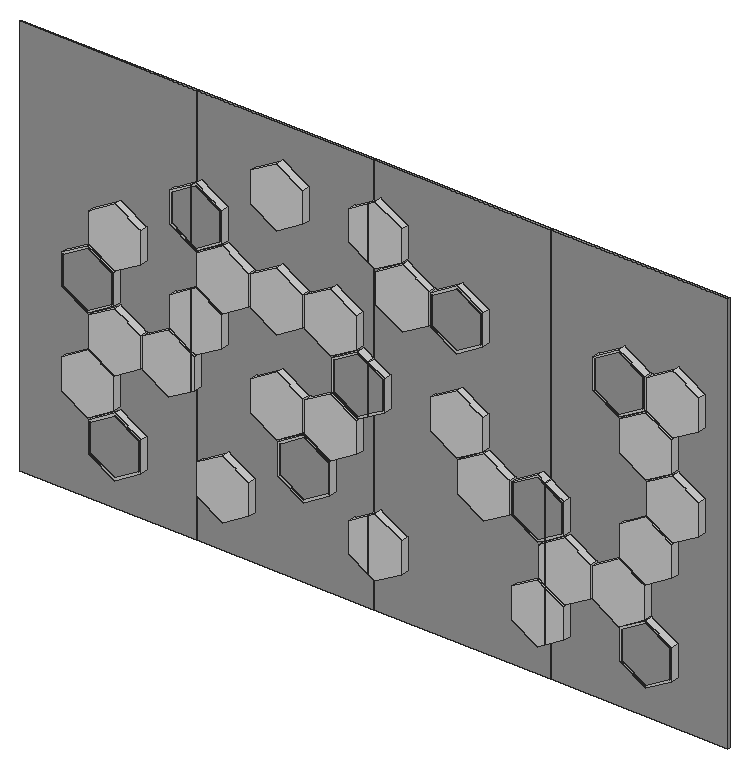
Revit family "SUR-FPG-035_HONEYCOMB_RFA", category Modelos genéricos, Revit 2022
Family settings
  Puede alojar armadura = No
  Cota de conector redondo = Diámetro de uso
  Tipo de pieza = Normal
  Se basa en plano de trabajo = No
  Siempre vertical = Sí
  Corte con vacíos al cargar = No
  Mantener orientación de anotación = No
  Compartido = No
  Punto de cálculo de habitación = No
Parameters
  Elevación por defecto = 0.00"
Reference planes (in)
  plane 1 "Centro (Frontal/Posterior)": y = 0
  plane 2: z = 0
  plane 3 "Centro (Izquierda/Derecha)": x = 0
Forms (in)
  Extrusion 1, solid, not visible
    sketch origin (0, 0, 0) x (1, 0, 0) y (0, 1, 0)
      loop
        line (0, 2.25) -> (0, 0) -> (108, 0) -> (108, 2.25) -> (0, 2.25)
    from 0 to 8
  Extrusion 2, solid, not visible
    sketch origin (0, 0, 0) x (1, 0, 0) y (0, 1, 0)
      loop
        line (0, 2.25) -> (0, 0) -> (108, 0) -> (108, 2.25) -> (0, 2.25)
    from 0 to 8
  Extrusion 3, solid, not visible
    sketch origin (0, 8, 0) x (1, 0, 0) y (0, 1, 0)
      loop
        line (0, 2.25) -> (0, 0) -> (108, 0) -> (108, 2.25) -> (0, 2.25)
    from 0 to 8
  Extrusion 4, solid, not visible
    sketch origin (0, 16, 0) x (1, 0, 0) y (0, 1, 0)
      loop
        line (0, 2.25) -> (0, 0) -> (108, 0) -> (108, 2.25) -> (0, 2.25)
    from 0 to 8
  Extrusion 5, solid, not visible
    sketch origin (0, 24, 0) x (1, 0, 0) y (0, 1, 0)
      loop
        line (0, 2.25) -> (0, 0) -> (108, 0) -> (108, 2.25) -> (0, 2.25)
    from 0 to 8
  Extrusion 6, solid, not visible
    sketch origin (0, 32, 0) x (1, 0, 0) y (0, 1, 0)
      loop
        line (0, 2.25) -> (0, 0) -> (108, 0) -> (108, 2.25) -> (0, 2.25)
    from 0 to 8
  Extrusion 7, solid, not visible
    sketch origin (0, 40, 0) x (1, 0, 0) y (0, 1, 0)
      loop
        line (0, 2.25) -> (0, 0) -> (108, 0) -> (108, 2.25) -> (0, 2.25)
    from 0 to 8
  Extrusion 8, solid, not visible
    sketch origin (0, 48, 0) x (1, 0, 0) y (0, 1, 0)
      loop
        line (0, 2.25) -> (0, 0) -> (108, 0) -> (108, 2.25) -> (0, 2.25)
    from 0 to 8
  Extrusion 9, solid, not visible
    sketch origin (0, 56, 0) x (1, 0, 0) y (0, 1, 0)
      loop
        line (0, 2.25) -> (0, 0) -> (108, 0) -> (108, 2.25) -> (0, 2.25)
    from 0 to 8
  Extrusion 10, solid, not visible
    sketch origin (0, 64, 0) x (1, 0, 0) y (0, 1, 0)
      loop
        line (0, 2.25) -> (0, 0) -> (108, 0) -> (108, 2.25) -> (0, 2.25)
    from 0 to 8
  Extrusion 11, solid, not visible
    sketch origin (0, 72, 0) x (1, 0, 0) y (0, 1, 0)
      loop
        line (0, 2.25) -> (0, 0) -> (108, 0) -> (108, 2.25) -> (0, 2.25)
    from 0 to 8
  Extrusion 12, solid, not visible
    sketch origin (0, 80, 0) x (1, 0, 0) y (0, 1, 0)
      loop
        line (0, 2.25) -> (0, 0) -> (108, 0) -> (108, 2.25) -> (0, 2.25)
    from 0 to 8
  Extrusion 13, solid, not visible
    sketch origin (0, 88, 0) x (1, 0, 0) y (0, 1, 0)
      loop
        line (0, 2.25) -> (0, 0) -> (108, 0) -> (108, 2.25) -> (0, 2.25)
    from 0 to 8
  Extrusion 14, solid, not visible
    sketch origin (0, 96, 0) x (1, 0, 0) y (0, 1, 0)
      loop
        line (0, 2.25) -> (0, 0) -> (108, 0) -> (108, 2.25) -> (0, 2.25)
    from 0 to 8
  Extrusion 15, solid, not visible
    sketch origin (0, 104, 0) x (1, 0, 0) y (0, 1, 0)
      loop
        line (0, 2.25) -> (0, 0) -> (108, 0) -> (108, 2.25) -> (0, 2.25)
    from 0 to 8
  Extrusion 16, solid, not visible
    sketch origin (0, 112, 0) x (1, 0, 0) y (0, 1, 0)
      loop
        line (0, 2.25) -> (0, 0) -> (108, 0) -> (108, 2.25) -> (0, 2.25)
    from 0 to 8
  Extrusion 17, solid, not visible
    sketch origin (0, 120, 0) x (1, 0, 0) y (0, 1, 0)
      loop
        line (0, 2.25) -> (0, 0) -> (108, 0) -> (108, 2.25) -> (0, 2.25)
    from 0 to 8
  Extrusion 18, solid, not visible
    sketch origin (0, 128, 0) x (1, 0, 0) y (0, 1, 0)
      loop
        line (0, 2.25) -> (0, 0) -> (108, 0) -> (108, 2.25) -> (0, 2.25)
    from 0 to 8
  Extrusion 19, solid, not visible
    sketch origin (0, 136, 0) x (1, 0, 0) y (0, 1, 0)
      loop
        line (0, 2.25) -> (0, 0) -> (108, 0) -> (108, 2.25) -> (0, 2.25)
    from 0 to 8
  Extrusion 20, solid, not visible
    sketch origin (0, 144, 0) x (1, 0, 0) y (0, 1, 0)
      loop
        line (0, 2.25) -> (0, 0) -> (108, 0) -> (108, 2.25) -> (0, 2.25)
    from 0 to 8
  Extrusion 21, solid, not visible
    sketch origin (0, 152, 0) x (1, 0, 0) y (0, 1, 0)
      loop
        line (0, 2.25) -> (0, 0) -> (108, 0) -> (108, 2.25) -> (0, 2.25)
    from 0 to 8
  Extrusion 22, solid, not visible
    sketch origin (109, 0, 0) x (1, 0, 0) y (0, 1, 0)
      loop
        line (0, 2.25) -> (0, 0) -> (108, 0) -> (108, 2.25) -> (0, 2.25)
    from 0 to 8
  Extrusion 23, solid, not visible
    sketch origin (109, 8, 0) x (1, 0, 0) y (0, 1, 0)
      loop
        line (0, 2.25) -> (0, 0) -> (108, 0) -> (108, 2.25) -> (0, 2.25)
    from 0 to 8
  Extrusion 24, solid, not visible
    sketch origin (109, 16, 0) x (1, 0, 0) y (0, 1, 0)
      loop
        line (0, 2.25) -> (0, 0) -> (108, 0) -> (108, 2.25) -> (0, 2.25)
    from 0 to 8
  Extrusion 25, solid, not visible
    sketch origin (109, 24, 0) x (1, 0, 0) y (0, 1, 0)
      loop
        line (0, 2.25) -> (0, 0) -> (108, 0) -> (108, 2.25) -> (0, 2.25)
    from 0 to 8
  Extrusion 26, solid, not visible
    sketch origin (109, 32, 0) x (1, 0, 0) y (0, 1, 0)
      loop
        line (0, 2.25) -> (0, 0) -> (108, 0) -> (108, 2.25) -> (0, 2.25)
    from 0 to 8
  Extrusion 27, solid, not visible
    sketch origin (109, 40, 0) x (1, 0, 0) y (0, 1, 0)
      loop
        line (0, 2.25) -> (0, 0) -> (108, 0) -> (108, 2.25) -> (0, 2.25)
    from 0 to 8
  Extrusion 28, solid, not visible
    sketch origin (109, 48, 0) x (1, 0, 0) y (0, 1, 0)
      loop
        line (0, 2.25) -> (0, 0) -> (108, 0) -> (108, 2.25) -> (0, 2.25)
    from 0 to 8
  Extrusion 29, solid, not visible
    sketch origin (109, 56, 0) x (1, 0, 0) y (0, 1, 0)
      loop
        line (0, 2.25) -> (0, 0) -> (108, 0) -> (108, 2.25) -> (0, 2.25)
    from 0 to 8
  Extrusion 30, solid, not visible
    sketch origin (109, 64, 0) x (1, 0, 0) y (0, 1, 0)
      loop
        line (0, 2.25) -> (0, 0) -> (108, 0) -> (108, 2.25) -> (0, 2.25)
    from 0 to 8
  Extrusion 31, solid, not visible
    sketch origin (109, 72, 0) x (1, 0, 0) y (0, 1, 0)
      loop
        line (0, 2.25) -> (0, 0) -> (108, 0) -> (108, 2.25) -> (0, 2.25)
    from 0 to 8
  Extrusion 32, solid, not visible
    sketch origin (109, 80, 0) x (1, 0, 0) y (0, 1, 0)
      loop
        line (0, 2.25) -> (0, 0) -> (108, 0) -> (108, 2.25) -> (0, 2.25)
    from 0 to 8
  Extrusion 33, solid, not visible
    sketch origin (109, 88, 0) x (1, 0, 0) y (0, 1, 0)
      loop
        line (0, 2.25) -> (0, 0) -> (108, 0) -> (108, 2.25) -> (0, 2.25)
    from 0 to 8
  Extrusion 34, solid, not visible
    sketch origin (109, 96, 0) x (1, 0, 0) y (0, 1, 0)
      loop
        line (0, 2.25) -> (0, 0) -> (108, 0) -> (108, 2.25) -> (0, 2.25)
    from 0 to 8
  Extrusion 35, solid, not visible
    sketch origin (109, 104, 0) x (1, 0, 0) y (0, 1, 0)
      loop
        line (0, 2.25) -> (0, 0) -> (108, 0) -> (108, 2.25) -> (0, 2.25)
    from 0 to 8
  Extrusion 36, solid, not visible
    sketch origin (109, 112, 0) x (1, 0, 0) y (0, 1, 0)
      loop
        line (0, 2.25) -> (0, 0) -> (108, 0) -> (108, 2.25) -> (0, 2.25)
    from 0 to 8
  Extrusion 37, solid, not visible
    sketch origin (109, 120, 0) x (1, 0, 0) y (0, 1, 0)
      loop
        line (0, 2.25) -> (0, 0) -> (108, 0) -> (108, 2.25) -> (0, 2.25)
    from 0 to 8
  Extrusion 38, solid, not visible
    sketch origin (109, 128, 0) x (1, 0, 0) y (0, 1, 0)
      loop
        line (0, 2.25) -> (0, 0) -> (108, 0) -> (108, 2.25) -> (0, 2.25)
    from 0 to 8
  Extrusion 39, solid, not visible
    sketch origin (109, 136, 0) x (1, 0, 0) y (0, 1, 0)
      loop
        line (0, 2.25) -> (0, 0) -> (108, 0) -> (108, 2.25) -> (0, 2.25)
    from 0 to 8
  Extrusion 40, solid, not visible
    sketch origin (109, 144, 0) x (1, 0, 0) y (0, 1, 0)
      loop
        line (0, 2.25) -> (0, 0) -> (108, 0) -> (108, 2.25) -> (0, 2.25)
    from 0 to 8
  Extrusion 41, solid, not visible
    sketch origin (109, 152, 0) x (1, 0, 0) y (0, 1, 0)
      loop
        line (0, 2.25) -> (0, 0) -> (108, 0) -> (108, 2.25) -> (0, 2.25)
    from 0 to 8
  Extrusion 42, solid, not visible
    sketch origin (-108, 0, 0) x (1, 0, 0) y (0, 1, 0)
      loop
        line (0, 2.25) -> (0, 0) -> (108, 0) -> (108, 2.25) -> (0, 2.25)
    from 0 to 8
  Extrusion 43, solid, not visible
    sketch origin (-108, 8, 0) x (1, 0, 0) y (0, 1, 0)
      loop
        line (0, 2.25) -> (0, 0) -> (108, 0) -> (108, 2.25) -> (0, 2.25)
    from 0 to 8
  Extrusion 44, solid, not visible
    sketch origin (-108, 16, 0) x (1, 0, 0) y (0, 1, 0)
      loop
        line (0, 2.25) -> (0, 0) -> (108, 0) -> (108, 2.25) -> (0, 2.25)
    from 0 to 8
  Extrusion 45, solid, not visible
    sketch origin (-108, 24, 0) x (1, 0, 0) y (0, 1, 0)
      loop
        line (0, 2.25) -> (0, 0) -> (108, 0) -> (108, 2.25) -> (0, 2.25)
    from 0 to 8
  Extrusion 46, solid, not visible
    sketch origin (-108, 32, 0) x (1, 0, 0) y (0, 1, 0)
      loop
        line (0, 2.25) -> (0, 0) -> (108, 0) -> (108, 2.25) -> (0, 2.25)
    from 0 to 8
  Extrusion 47, solid, not visible
    sketch origin (-108, 40, 0) x (1, 0, 0) y (0, 1, 0)
      loop
        line (0, 2.25) -> (0, 0) -> (108, 0) -> (108, 2.25) -> (0, 2.25)
    from 0 to 8
  Extrusion 48, solid, not visible
    sketch origin (1, 0, 0) x (1, 0, 0) y (0, 1, 0)
      loop
        line (0, 2.25) -> (0, 0) -> (108, 0) -> (108, 2.25) -> (0, 2.25)
    from 0 to 8
  Extrusion 49, solid, not visible
    sketch origin (1, 8, 0) x (1, 0, 0) y (0, 1, 0)
      loop
        line (0, 2.25) -> (0, 0) -> (108, 0) -> (108, 2.25) -> (0, 2.25)
    from 0 to 8
  Extrusion 50, solid, not visible
    sketch origin (1, 16, 0) x (1, 0, 0) y (0, 1, 0)
      loop
        line (0, 2.25) -> (0, 0) -> (108, 0) -> (108, 2.25) -> (0, 2.25)
    from 0 to 8
  Extrusion 51, solid, not visible
    sketch origin (1, 24, 0) x (1, 0, 0) y (0, 1, 0)
      loop
        line (0, 2.25) -> (0, 0) -> (108, 0) -> (108, 2.25) -> (0, 2.25)
    from 0 to 8
  Extrusion 52, solid, not visible
    sketch origin (1, 32, 0) x (1, 0, 0) y (0, 1, 0)
      loop
        line (0, 2.25) -> (0, 0) -> (108, 0) -> (108, 2.25) -> (0, 2.25)
    from 0 to 8
  Extrusion 53, solid, not visible
    sketch origin (1, 40, 0) x (1, 0, 0) y (0, 1, 0)
      loop
        line (0, 2.25) -> (0, 0) -> (108, 0) -> (108, 2.25) -> (0, 2.25)
    from 0 to 8
  Extrusion 54, solid, not visible
    sketch origin (-108, 48, 0) x (1, 0, 0) y (0, 1, 0)
      loop
        line (0, 2.25) -> (0, 0) -> (108, 0) -> (108, 2.25) -> (0, 2.25)
    from 0 to 8
  Extrusion 55, solid, not visible
    sketch origin (-108, 56, 0) x (1, 0, 0) y (0, 1, 0)
      loop
        line (0, 2.25) -> (0, 0) -> (108, 0) -> (108, 2.25) -> (0, 2.25)
    from 0 to 8
  Extrusion 56, solid, not visible
    sketch origin (-108, 64, 0) x (1, 0, 0) y (0, 1, 0)
      loop
        line (0, 2.25) -> (0, 0) -> (108, 0) -> (108, 2.25) -> (0, 2.25)
    from 0 to 8
  Extrusion 57, solid, not visible
    sketch origin (-108, 72, 0) x (1, 0, 0) y (0, 1, 0)
      loop
        line (0, 2.25) -> (0, 0) -> (108, 0) -> (108, 2.25) -> (0, 2.25)
    from 0 to 8
  Extrusion 58, solid, not visible
    sketch origin (-108, 80, 0) x (1, 0, 0) y (0, 1, 0)
      loop
        line (0, 2.25) -> (0, 0) -> (108, 0) -> (108, 2.25) -> (0, 2.25)
    from 0 to 8
  Extrusion 59, solid, not visible
    sketch origin (1, 48, 0) x (1, 0, 0) y (0, 1, 0)
      loop
        line (0, 2.25) -> (0, 0) -> (108, 0) -> (108, 2.25) -> (0, 2.25)
    from 0 to 8
  Extrusion 60, solid, not visible
    sketch origin (1, 56, 0) x (1, 0, 0) y (0, 1, 0)
      loop
        line (0, 2.25) -> (0, 0) -> (108, 0) -> (108, 2.25) -> (0, 2.25)
    from 0 to 8
  Extrusion 61, solid, not visible
    sketch origin (1, 64, 0) x (1, 0, 0) y (0, 1, 0)
      loop
        line (0, 2.25) -> (0, 0) -> (108, 0) -> (108, 2.25) -> (0, 2.25)
    from 0 to 8
  Extrusion 62, solid, not visible
    sketch origin (1, 72, 0) x (1, 0, 0) y (0, 1, 0)
      loop
        line (0, 2.25) -> (0, 0) -> (108, 0) -> (108, 2.25) -> (0, 2.25)
    from 0 to 8
  Extrusion 63, solid, not visible
    sketch origin (1, 80, 0) x (1, 0, 0) y (0, 1, 0)
      loop
        line (0, 2.25) -> (0, 0) -> (108, 0) -> (108, 2.25) -> (0, 2.25)
    from 0 to 8
  Extrusion 64, solid, not visible
    sketch origin (-108, 88, 0) x (1, 0, 0) y (0, 1, 0)
      loop
        line (0, 2.25) -> (0, 0) -> (108, 0) -> (108, 2.25) -> (0, 2.25)
    from 0 to 8
  Extrusion 65, solid, not visible
    sketch origin (-108, 96, 0) x (1, 0, 0) y (0, 1, 0)
      loop
        line (0, 2.25) -> (0, 0) -> (108, 0) -> (108, 2.25) -> (0, 2.25)
    from 0 to 8
  Extrusion 66, solid, not visible
    sketch origin (-108, 104, 0) x (1, 0, 0) y (0, 1, 0)
      loop
        line (0, 2.25) -> (0, 0) -> (108, 0) -> (108, 2.25) -> (0, 2.25)
    from 0 to 8
  Extrusion 67, solid, not visible
    sketch origin (-108, 112, 0) x (1, 0, 0) y (0, 1, 0)
      loop
        line (0, 2.25) -> (0, 0) -> (108, 0) -> (108, 2.25) -> (0, 2.25)
    from 0 to 8
  Extrusion 68, solid, not visible
    sketch origin (-108, 120, 0) x (1, 0, 0) y (0, 1, 0)
      loop
        line (0, 2.25) -> (0, 0) -> (108, 0) -> (108, 2.25) -> (0, 2.25)
    from 0 to 8
  Extrusion 69, solid, not visible
    sketch origin (1, 88, 0) x (1, 0, 0) y (0, 1, 0)
      loop
        line (0, 2.25) -> (0, 0) -> (108, 0) -> (108, 2.25) -> (0, 2.25)
    from 0 to 8
  Extrusion 70, solid, not visible
    sketch origin (1, 96, 0) x (1, 0, 0) y (0, 1, 0)
      loop
        line (0, 2.25) -> (0, 0) -> (108, 0) -> (108, 2.25) -> (0, 2.25)
    from 0 to 8
  Extrusion 71, solid, not visible
    sketch origin (1, 104, 0) x (1, 0, 0) y (0, 1, 0)
      loop
        line (0, 2.25) -> (0, 0) -> (108, 0) -> (108, 2.25) -> (0, 2.25)
    from 0 to 8
  Extrusion 72, solid, not visible
    sketch origin (1, 112, 0) x (1, 0, 0) y (0, 1, 0)
      loop
        line (0, 2.25) -> (0, 0) -> (108, 0) -> (108, 2.25) -> (0, 2.25)
    from 0 to 8
  Extrusion 73, solid, not visible
    sketch origin (1, 120, 0) x (1, 0, 0) y (0, 1, 0)
      loop
        line (0, 2.25) -> (0, 0) -> (108, 0) -> (108, 2.25) -> (0, 2.25)
    from 0 to 8
  Extrusion 74, solid, not visible
    sketch origin (-108, 128, 0) x (1, 0, 0) y (0, 1, 0)
      loop
        line (0, 2.25) -> (0, 0) -> (108, 0) -> (108, 2.25) -> (0, 2.25)
    from 0 to 8
  Extrusion 75, solid, not visible
    sketch origin (-108, 136, 0) x (1, 0, 0) y (0, 1, 0)
      loop
        line (0, 2.25) -> (0, 0) -> (108, 0) -> (108, 2.25) -> (0, 2.25)
    from 0 to 8
  Extrusion 76, solid, not visible
    sketch origin (-108, 144, 0) x (1, 0, 0) y (0, 1, 0)
      loop
        line (0, 2.25) -> (0, 0) -> (108, 0) -> (108, 2.25) -> (0, 2.25)
    from 0 to 8
  Extrusion 77, solid, not visible
    sketch origin (-108, 152, 0) x (1, 0, 0) y (0, 1, 0)
      loop
        line (0, 2.25) -> (0, 0) -> (108, 0) -> (108, 2.25) -> (0, 2.25)
    from 0 to 8
  Extrusion 78, solid, not visible
    sketch origin (-108, 160, 0) x (1, 0, 0) y (0, 1, 0)
      loop
        line (0, 2.25) -> (0, 0) -> (108, 0) -> (108, 2.25) -> (0, 2.25)
    from 0 to 8
  Extrusion 79, solid, not visible
    sketch origin (1, 128, 0) x (1, 0, 0) y (0, 1, 0)
      loop
        line (0, 2.25) -> (0, 0) -> (108, 0) -> (108, 2.25) -> (0, 2.25)
    from 0 to 8
  Extrusion 80, solid, not visible
    sketch origin (1, 136, 0) x (1, 0, 0) y (0, 1, 0)
      loop
        line (0, 2.25) -> (0, 0) -> (108, 0) -> (108, 2.25) -> (0, 2.25)
    from 0 to 8
  Extrusion 81, solid, not visible
    sketch origin (1, 144, 0) x (1, 0, 0) y (0, 1, 0)
      loop
        line (0, 2.25) -> (0, 0) -> (108, 0) -> (108, 2.25) -> (0, 2.25)
    from 0 to 8
  Extrusion 82, solid, not visible
    sketch origin (1, 152, 0) x (1, 0, 0) y (0, 1, 0)
      loop
        line (0, 2.25) -> (0, 0) -> (108, 0) -> (108, 2.25) -> (0, 2.25)
    from 0 to 8
  Extrusion 83, solid, not visible
    sketch origin (1, 160, 0) x (1, 0, 0) y (0, 1, 0)
      loop
        line (0, 2.25) -> (0, 0) -> (108, 0) -> (108, 2.25) -> (0, 2.25)
    from 0 to 8
  Extrusion 84, solid, not visible
    sketch origin (0, 0, 0) x (1, 0, 0) y (0, 1, 0)
      loop
        line (0, 3) -> (0, 0) -> (108, 0) -> (108, 3) -> (0, 3)
    from 0 to 8
  Extrusion 85, void, not visible
    sketch origin (0, 0, 0) x (1, 0, 0) y (0, 1, 0)
      loop
        line (6, 2) -> (6, 1) -> (66, 1) -> (66, 2) -> (6, 2)
    from 0 to 1.03
  Extrusion 86, solid, not visible
    sketch origin (0, 0, 0) x (1, 0, 0) y (0, 1, 0)
      loop
        line (0, 3) -> (0, 0) -> (108, 0) -> (108, 3) -> (0, 3)
    from 0 to 8
  Extrusion 87, void, not visible
    sketch origin (0, 0, 0) x (1, 0, 0) y (0, 1, 0)
      loop
        line (6, 2) -> (6, 1) -> (66, 1) -> (66, 2) -> (6, 2)
    from 0 to 1.03
  Extrusion 88, solid, not visible
    sketch origin (0, 0, 0) x (1, 0, 0) y (0, 1, 0)
      loop
        line (6, 2) -> (6, 1) -> (66, 1) -> (66, 2) -> (6, 2)
    from 0 to 1.03
  Extrusion 89, solid, not visible
    sketch origin (0, 32, 0) x (1, 0, 0) y (0, 1, 0)
      loop
        line (0, 3) -> (0, 0) -> (108, 0) -> (108, 3) -> (0, 3)
    from 0 to 8
  Extrusion 90, void, not visible
    sketch origin (0, 32, 0) x (1, 0, 0) y (0, 1, 0)
      loop
        line (6, 2) -> (6, 1) -> (102, 1) -> (102, 2) -> (6, 2)
    from 0 to 1.03
  Extrusion 91, solid, not visible
    sketch origin (8.95842, -18.67436, 0) x (1, 0, 0) y (0, 1, 0)
      loop
        line (-8.48642, 97.64679) -> (-8.48642, 97.17436) -> (98.56914, 97.17436) -> (98.56914, 97.64679) -> (-8.48642, 97.64679)
    from 0.59055 to 8
  Extrusion 92, solid, not visible
    sketch origin (8.95842, -16.6468, 0) x (1, 0, 0) y (0, 1, 0)
      loop
        line (-8.48642, 97.64679) -> (-8.48642, 97.17436) -> (98.56914, 97.17436) -> (98.56914, 97.64679) -> (-8.48642, 97.64679)
    from 0.59055 to 8
  Extrusion 93, solid, not visible
    sketch origin (60.46912, 110.28574, 0) x (1, 0, 0) y (0, 1, 0)
      loop
        line (45.03088, -29.28574) -> (-57.96911, -29.28574) -> (-57.96911, -31.78574) -> (45.03088, -31.78574) -> (45.03088, -29.28574)
      loop
        line (23.78088, -31.03574) -> (41.78088, -31.03574) -> (41.78088, -30.03574) -> (23.78088, -30.03574) -> (23.78088, -31.03574)
      loop
        line (-54.71912, -31.03574) -> (-36.71912, -31.03574) -> (-36.71912, -30.03574) -> (-54.71912, -30.03574) -> (-54.71912, -31.03574)
    from 0 to 0.59055
  Extrusion 94, solid, not visible
    sketch origin (108, 51.5, 0) x (0, 1, 0) y (-1, 0, 0)
      loop
        line (27.75, 102.25) -> (27.75, 84.25) -> (28.75, 84.25) -> (28.75, 102.25) -> (27.75, 102.25)
    from 0 to 1
  Extrusion 95, solid, not visible
    sketch origin (186.5, 51.5, 0) x (0, 1, 0) y (-1, 0, 0)
      loop
        line (27.75, 102.25) -> (27.75, 84.25) -> (28.75, 84.25) -> (28.75, 102.25) -> (27.75, 102.25)
    from 0 to 1
  Extrusion 96, solid, not visible
    sketch origin (8.95842, -44.42438, 0) x (1, 0, 0) y (0, 1, 0)
      loop
        line (-8.48642, 97.64679) -> (-8.48642, 97.17436) -> (98.56914, 97.17436) -> (98.56914, 97.64679) -> (-8.48642, 97.64679)
    from 0.59055 to 8
  Extrusion 97, solid, not visible
    sketch origin (8.95842, -42.39682, 0) x (1, 0, 0) y (0, 1, 0)
      loop
        line (-8.48642, 97.64679) -> (-8.48642, 97.17436) -> (98.56914, 97.17436) -> (98.56914, 97.64679) -> (-8.48642, 97.64679)
    from 0.59055 to 8
  Extrusion 98, solid, not visible
    sketch origin (60.46912, 84.53571, 0) x (1, 0, 0) y (0, 1, 0)
      loop
        line (45.03088, -29.28574) -> (-57.96911, -29.28574) -> (-57.96911, -31.78574) -> (45.03088, -31.78574) -> (45.03088, -29.28574)
      loop
        line (-28.96912, -31.03574) -> (-10.96912, -31.03574) -> (-10.96912, -30.03574) -> (-28.96912, -30.03574) -> (-28.96912, -31.03574)
      loop
        line (-3.21912, -31.03571) -> (14.78088, -31.03571) -> (14.78088, -30.03571) -> (-3.21912, -30.03571) -> (-3.21912, -31.03571)
    from 0 to 0.59055
  Extrusion 99, solid, not visible
    sketch origin (133.74998, 25.74998, 0) x (0, 1, 0) y (-1, 0, 0)
      loop
        line (27.75, 102.25) -> (27.75, 84.25) -> (28.75, 84.25) -> (28.75, 102.25) -> (27.75, 102.25)
    from 0 to 1
  Extrusion 100, solid, not visible
    sketch origin (159.49998, 25.74998, 0) x (0, 1, 0) y (-1, 0, 0)
      loop
        line (27.75, 102.25) -> (27.75, 84.25) -> (28.75, 84.25) -> (28.75, 102.25) -> (27.75, 102.25)
    from 0 to 1
  Extrusion 101, solid, not visible
    sketch origin (8.95842, -70.17436, 0) x (1, 0, 0) y (0, 1, 0)
      loop
        line (-8.48642, 97.64679) -> (-8.48642, 97.17436) -> (98.56914, 97.17436) -> (98.56914, 97.64679) -> (-8.48642, 97.64679)
    from 0.59055 to 8
  Extrusion 102, solid, not visible
    sketch origin (8.95842, -68.1468, 0) x (1, 0, 0) y (0, 1, 0)
      loop
        line (-8.48642, 97.64679) -> (-8.48642, 97.17436) -> (98.56914, 97.17436) -> (98.56914, 97.64679) -> (-8.48642, 97.64679)
    from 0.59055 to 8
  Extrusion 103, solid, not visible
    sketch origin (60.46912, 58.78574, 0) x (1, 0, 0) y (0, 1, 0)
      loop
        line (45.03088, -29.28574) -> (-57.96911, -29.28574) -> (-57.96911, -31.78574) -> (45.03088, -31.78574) -> (45.03088, -29.28574)
      loop
        line (23.78088, -31.03574) -> (41.78088, -31.03574) -> (41.78088, -30.03574) -> (23.78088, -30.03574) -> (23.78088, -31.03574)
      loop
        line (-54.71912, -31.03574) -> (-36.71912, -31.03574) -> (-36.71912, -30.03574) -> (-54.71912, -30.03574) -> (-54.71912, -31.03574)
    from 0 to 0.59055
  Extrusion 104, solid, not visible
    sketch origin (108, 0, 0) x (0, 1, 0) y (-1, 0, 0)
      loop
        line (27.75, 102.25) -> (27.75, 84.25) -> (28.75, 84.25) -> (28.75, 102.25) -> (27.75, 102.25)
    from 0 to 1
  Extrusion 105, solid, not visible
    sketch origin (186.5, 0, 0) x (0, 1, 0) y (-1, 0, 0)
      loop
        line (27.75, 102.25) -> (27.75, 84.25) -> (28.75, 84.25) -> (28.75, 102.25) -> (27.75, 102.25)
    from 0 to 1
  Extrusion 106, solid, not visible
    sketch origin (-70.17436, 99.04114, 0) x (0, -1, 0) y (1, 0, 0)
      loop
        line (-8.48642, 97.64679) -> (-8.48642, 97.17436) -> (98.56914, 97.17436) -> (98.56914, 97.64679) -> (-8.48642, 97.64679)
    from 0.59055 to 8
  Extrusion 107, solid, not visible
    sketch origin (-68.1468, 99.04114, 0) x (0, -1, 0) y (1, 0, 0)
      loop
        line (-8.48642, 97.64679) -> (-8.48642, 97.17436) -> (98.56914, 97.17436) -> (98.56914, 97.64679) -> (-8.48642, 97.64679)
    from 0.59055 to 8
  Extrusion 108, solid, not visible
    sketch origin (-2.28571, 86.21912, 0) x (0, 1, 0) y (-1, 0, 0)
      loop
        line (19.28088, -29.28574) -> (-83.71912, -29.28574) -> (-83.71912, -31.78574) -> (19.28088, -31.78574) -> (19.28088, -29.28574)
      loop
        line (16.03088, -31.03571) -> (16.03088, -30.03571) -> (-1.96912, -30.03571) -> (-1.96912, -31.03571) -> (16.03088, -31.03571)
      loop
        line (-62.46912, -31.03571) -> (-62.46912, -30.03571) -> (-80.46912, -30.03571) -> (-80.46912, -31.03571) -> (-62.46912, -31.03571)
    from 0 to 0.59055
  Extrusion 109, solid, not visible
    sketch origin (0, 0, 0) x (1, 0, 0) y (0, 1, 0)
      loop
        line (27.75, 102.25) -> (27.75, 84.25) -> (28.75, 84.25) -> (28.75, 102.25) -> (27.75, 102.25)
    from 0 to 1
  Extrusion 110, solid, not visible
    sketch origin (0, -78.5, 0) x (1, 0, 0) y (0, 1, 0)
      loop
        line (27.75, 102.25) -> (27.75, 84.25) -> (28.75, 84.25) -> (28.75, 102.25) -> (27.75, 102.25)
    from 0 to 1
  Extrusion 111, solid, not visible
    sketch origin (-44.89438, 99.04114, 0) x (0, -1, 0) y (1, 0, 0)
      loop
        line (-8.48642, 97.64679) -> (-8.48642, 97.17436) -> (98.56914, 97.17436) -> (98.56914, 97.64679) -> (-8.48642, 97.64679)
    from 0.59055 to 8
  Extrusion 112, solid, not visible
    sketch origin (-42.39682, 99.04114, 0) x (0, -1, 0) y (1, 0, 0)
      loop
        line (-8.48642, 97.64679) -> (-8.48642, 97.17436) -> (98.56914, 97.17436) -> (98.56914, 97.64679) -> (-8.48642, 97.64679)
    from 0.59055 to 8
  Extrusion 113, solid, not visible
    sketch origin (23.46427, 86.21912, 0) x (0, 1, 0) y (-1, 0, 0)
      loop
        line (19.28088, -28.81571) -> (-83.71912, -28.81571) -> (-83.71912, -31.78574) -> (19.28088, -31.78574) -> (19.28088, -28.81571)
      loop
        line (-28.96912, -29.78573) -> (-28.96912, -30.78571) -> (-10.96912, -30.78571) -> (-10.96912, -29.78573) -> (-28.96912, -29.78573)
      loop
        line (-54.71914, -29.78573) -> (-54.71914, -30.78573) -> (-36.71914, -30.78573) -> (-36.71914, -29.78573) -> (-54.71914, -29.78573)
    from 0 to 0.59055
  Extrusion 114, solid, not visible
    sketch origin (25.74998, -27, 0) x (1, 0, 0) y (0, 1, 0)
      loop
        line (27.50002, 102.25) -> (27.50002, 84.25) -> (28.5, 84.25) -> (28.5, 102.25) -> (27.50002, 102.25)
    from 0 to 1
  Extrusion 115, solid, not visible
    sketch origin (25.74998, -52.75002, 0) x (1, 0, 0) y (0, 1, 0)
      loop
        line (27.50002, 102.25) -> (27.50002, 84.25) -> (28.50002, 84.25) -> (28.50002, 102.25) -> (27.50002, 102.25)
    from 0 to 1
  Extrusion 116, solid, not visible
    sketch origin (-18.67436, 99.04114, 0) x (0, -1, 0) y (1, 0, 0)
      loop
        line (-8.48642, 97.64679) -> (-8.48642, 97.17436) -> (98.56914, 97.17436) -> (98.56914, 97.64679) -> (-8.48642, 97.64679)
    from 0.59055 to 8
  Extrusion 117, solid, not visible
    sketch origin (-16.6468, 99.04114, 0) x (0, -1, 0) y (1, 0, 0)
      loop
        line (-8.48642, 97.64679) -> (-8.48642, 97.17436) -> (98.56914, 97.17436) -> (98.56914, 97.64679) -> (-8.48642, 97.64679)
    from 0.59055 to 8
  Extrusion 118, solid, not visible
    sketch origin (49.21426, 86.21912, 0) x (0, 1, 0) y (-1, 0, 0)
      loop
        line (19.28088, -29.28574) -> (-83.71912, -29.28574) -> (-83.71912, -31.78574) -> (19.28088, -31.78574) -> (19.28088, -29.28574)
      loop
        line (16.03088, -31.03571) -> (16.03088, -30.03571) -> (-1.96912, -30.03571) -> (-1.96912, -31.03571) -> (16.03088, -31.03571)
      loop
        line (-62.46912, -31.03571) -> (-62.46912, -30.03571) -> (-80.46912, -30.03571) -> (-80.46912, -31.03571) -> (-62.46912, -31.03571)
    from 0 to 0.59055
  Extrusion 119, solid, not visible
    sketch origin (51.49997, 0, 0) x (1, 0, 0) y (0, 1, 0)
      loop
        line (27.75, 102.25) -> (27.75, 84.25) -> (28.75, 84.25) -> (28.75, 102.25) -> (27.75, 102.25)
    from 0 to 1
  Extrusion 120, solid, not visible
    sketch origin (51.49997, -78.5, 0) x (1, 0, 0) y (0, 1, 0)
      loop
        line (27.75, 102.25) -> (27.75, 84.25) -> (28.75, 84.25) -> (28.75, 102.25) -> (27.75, 102.25)
    from 0 to 1
  Extrusion 121, solid, not visible
    sketch origin (10.23509, 91.82771, 0) x (0, -1, 0) y (1, 0, 0)
      loop
        line (-16.17229, 97.76491) -> (-15.69986, 97.29248) -> (91.35527, 97.29248) -> (91.82771, 97.76491) -> (-16.17229, 97.76491)
    from 0.59055 to 8
  Extrusion 122, solid, not visible
    sketch origin (137.28574, 61.88413, 0) x (0, 1, 0) y (-1, 0, 0)
      loop
        line (46.11587, 29.28574) -> (43.61587, 31.78574) -> (-59.38412, 31.78574) -> (-61.88412, 29.28574) -> (46.11587, 29.28574)
    from 0 to 0.59055
  Extrusion 123, solid, not visible
    sketch origin (8.20754, 91.82771, 0) x (0, -1, 0) y (1, 0, 0)
      loop
        line (-14.14474, 97.76491) -> (-13.67231, 97.29248) -> (89.32772, 97.29248) -> (89.80016, 97.76491) -> (-14.14474, 97.76491)
    from 0.59055 to 8.22418
  Extrusion 124, solid, not visible
    sketch origin (18.95842, 10.23509, 0) x (1, 0, 0) y (0, 1, 0)
      loop
        line (-18.95842, 97.76491) -> (-18.48598, 97.29247) -> (88.56914, 97.29247) -> (89.04158, 97.76491) -> (-18.95842, 97.76491)
    from 0.59055 to 8
  Extrusion 125, solid, not visible
    sketch origin (61.88413, 137.28574, 0) x (1, 0, 0) y (0, 1, 0)
      loop
        line (46.11587, -29.28574) -> (-61.88412, -29.28574) -> (-59.38412, -31.78574) -> (43.61587, -31.78574) -> (46.11587, -29.28574)
    from 0 to 0.59055
  Extrusion 126, solid, not visible
    sketch origin (18.95842, 8.20753, 0) x (1, 0, 0) y (0, 1, 0)
      loop
        line (-16.93086, 97.76491) -> (-16.45842, 97.29247) -> (86.54158, 97.29247) -> (87.01402, 97.76491) -> (-16.93086, 97.76491)
    from 0.59055 to 8
  Extrusion 127, solid, not visible
    sketch origin (-101.24865, 87.31603, 0) x (0, -1, 0) y (1, 0, 0)
      loop
        line (-20.21152, 101.72109) -> (-20.68397, 101.24865) -> (87.31604, 101.24865) -> (86.84359, 101.72109) -> (-20.21152, 101.72109)
    from 0.47244 to 8
  Extrusion 128, solid, not visible
    sketch origin (-29.28573, 61.88413, 0) x (0, 1, 0) y (-1, 0, 0)
      loop
        line (46.11587, -29.28574) -> (-61.88412, -29.28574) -> (-59.38412, -31.78574) -> (43.61587, -31.78574) -> (46.11587, -29.28574)
    from 0 to 0.59055
  Extrusion 129, solid, not visible
    sketch origin (-99.22109, 87.31603, 0) x (0, -1, 0) y (1, 0, 0)
      loop
        line (-18.18396, 101.72109) -> (-18.65641, 101.24865) -> (85.28848, 101.24865) -> (84.81603, 101.72109) -> (-18.18396, 101.72109)
    from 0.47244 to 8
  Extrusion 130, solid, not visible
    sketch origin (61.88413, -29.28574, 0) x (1, 0, 0) y (0, 1, 0)
      loop
        line (46.11587, 29.28574) -> (43.61587, 31.78574) -> (-59.38412, 31.78574) -> (-61.88412, 29.28574) -> (46.11587, 29.28574)
    from 0 to 0.47244
  Extrusion 131, solid, not visible
    sketch origin (8.95842, -97.17435, 0) x (1, 0, 0) y (0, 1, 0)
      loop
        line (-8.48598, 97.64679) -> (-8.95842, 97.17436) -> (99.04157, 97.17436) -> (98.56914, 97.64679) -> (-8.48598, 97.64679)
    from 0.59055 to 8
  Extrusion 132, solid, not visible
    sketch origin (8.95842, -95.14679, 0) x (1, 0, 0) y (0, 1, 0)
      loop
        line (-6.45842, 97.64679) -> (-6.93085, 97.17436) -> (97.01401, 97.17436) -> (96.54158, 97.64679) -> (-6.45842, 97.64679)
    from 0.59055 to 8
  Extrusion 133, solid, not visible
    sketch origin (61.88413, -29.28574, 0) x (1, 0, 0) y (0, 1, 0)
      loop
        line (46.11587, 29.28574) -> (43.61587, 31.78574) -> (-59.38412, 31.78574) -> (-61.88412, 29.28574) -> (46.11587, 29.28574)
    from 0 to 0.47244
  Extrusion 134, solid, not visible
    sketch origin (18.95842, 10.23509, 0) x (1, 0, 0) y (0, 1, 0)
      loop
        line (-18.95842, 97.76491) -> (-18.48598, 97.29247) -> (88.56914, 97.29247) -> (89.04158, 97.76491) -> (-18.95842, 97.76491)
    from 0.59055 to 8
  Extrusion 135, solid, not visible
    sketch origin (8.95842, -97.17435, 0) x (1, 0, 0) y (0, 1, 0)
      loop
        line (-8.48598, 97.64679) -> (-8.95842, 97.17436) -> (99.04157, 97.17436) -> (98.56914, 97.64679) -> (-8.48598, 97.64679)
    from 0.59055 to 8
  Extrusion 136, solid, not visible
    sketch origin (10.23509, 91.82771, 0) x (0, -1, 0) y (1, 0, 0)
      loop
        line (-16.17229, 97.76491) -> (-15.69986, 97.29248) -> (91.35527, 97.29248) -> (91.82771, 97.76491) -> (-16.17229, 97.76491)
    from 0.59055 to 8
  Extrusion 137, solid, not visible
    sketch origin (-101.24865, 87.31603, 0) x (0, -1, 0) y (1, 0, 0)
      loop
        line (-20.21152, 101.72109) -> (-20.68397, 101.24865) -> (87.31604, 101.24865) -> (86.84359, 101.72109) -> (-20.21152, 101.72109)
    from 0.47244 to 8
  Extrusion 138, solid, not visible
    sketch origin (61.88413, 137.28574, 0) x (1, 0, 0) y (0, 1, 0)
      loop
        line (46.11587, -29.28574) -> (-61.88412, -29.28574) -> (-59.38412, -31.78574) -> (43.61587, -31.78574) -> (46.11587, -29.28574)
    from 0 to 0.59055
  Extrusion 139, solid, not visible
    sketch origin (-29.28573, 61.88413, 0) x (0, 1, 0) y (-1, 0, 0)
      loop
        line (46.11587, -29.28574) -> (-61.88412, -29.28574) -> (-59.38412, -31.78574) -> (43.61587, -31.78574) -> (46.11587, -29.28574)
    from 0 to 0.59055
  Extrusion 140, solid, not visible
    sketch origin (137.28574, 61.88413, 0) x (0, 1, 0) y (-1, 0, 0)
      loop
        line (46.11587, 29.28574) -> (43.61587, 31.78574) -> (-59.38412, 31.78574) -> (-61.88412, 29.28574) -> (46.11587, 29.28574)
    from 0 to 0.59055
  Extrusion 141, solid, not visible
    sketch origin (8.95842, -95.14679, 0) x (1, 0, 0) y (0, 1, 0)
      loop
        line (-6.45842, 97.64679) -> (-6.93085, 97.17436) -> (97.01401, 97.17436) -> (96.54158, 97.64679) -> (-6.45842, 97.64679)
    from 0.59055 to 8
  Extrusion 142, solid, not visible
    sketch origin (-99.22109, 87.31603, 0) x (0, -1, 0) y (1, 0, 0)
      loop
        line (-18.18396, 101.72109) -> (-18.65641, 101.24865) -> (85.28848, 101.24865) -> (84.81603, 101.72109) -> (-18.18396, 101.72109)
    from 0.47244 to 8
  Extrusion 143, solid, not visible
    sketch origin (18.95842, 8.20753, 0) x (1, 0, 0) y (0, 1, 0)
      loop
        line (-16.93086, 97.76491) -> (-16.45842, 97.29247) -> (86.54158, 97.29247) -> (87.01402, 97.76491) -> (-16.93086, 97.76491)
    from 0.59055 to 8
  Extrusion 144, solid, not visible
    sketch origin (8.20754, 91.82771, 0) x (0, -1, 0) y (1, 0, 0)
      loop
        line (-14.14474, 97.76491) -> (-13.67231, 97.29248) -> (89.32772, 97.29248) -> (89.80016, 97.76491) -> (-14.14474, 97.76491)
    from 0.59055 to 8.22418
  Extrusion 145, solid, not visible
    sketch origin (8.95842, -70.17436, 0) x (1, 0, 0) y (0, 1, 0)
      loop
        line (-8.48642, 97.64679) -> (-8.48642, 97.17436) -> (98.56914, 97.17436) -> (98.56914, 97.64679) -> (-8.48642, 97.64679)
    from 0.59055 to 8
  Extrusion 146, solid, not visible
    sketch origin (8.95842, -68.1468, 0) x (1, 0, 0) y (0, 1, 0)
      loop
        line (-8.48642, 97.64679) -> (-8.48642, 97.17436) -> (98.56914, 97.17436) -> (98.56914, 97.64679) -> (-8.48642, 97.64679)
    from 0.59055 to 8
  Extrusion 147, solid, not visible
    sketch origin (8.95842, -44.42438, 0) x (1, 0, 0) y (0, 1, 0)
      loop
        line (-8.48642, 97.64679) -> (-8.48642, 97.17436) -> (98.56914, 97.17436) -> (98.56914, 97.64679) -> (-8.48642, 97.64679)
    from 0.59055 to 8
  Extrusion 148, solid, not visible
    sketch origin (8.95842, -42.39682, 0) x (1, 0, 0) y (0, 1, 0)
      loop
        line (-8.48642, 97.64679) -> (-8.48642, 97.17436) -> (98.56914, 97.17436) -> (98.56914, 97.64679) -> (-8.48642, 97.64679)
    from 0.59055 to 8
  Extrusion 149, solid, not visible
    sketch origin (8.95842, -18.67436, 0) x (1, 0, 0) y (0, 1, 0)
      loop
        line (-8.48642, 97.64679) -> (-8.48642, 97.17436) -> (98.56914, 97.17436) -> (98.56914, 97.64679) -> (-8.48642, 97.64679)
    from 0.59055 to 8
  Extrusion 150, solid, not visible
    sketch origin (8.95842, -16.6468, 0) x (1, 0, 0) y (0, 1, 0)
      loop
        line (-8.48642, 97.64679) -> (-8.48642, 97.17436) -> (98.56914, 97.17436) -> (98.56914, 97.64679) -> (-8.48642, 97.64679)
    from 0.59055 to 8
  Extrusion 151, solid, not visible
    sketch origin (-70.17436, 99.04114, 0) x (0, -1, 0) y (1, 0, 0)
      loop
        line (-8.48642, 97.64679) -> (-8.48642, 97.17436) -> (98.56914, 97.17436) -> (98.56914, 97.64679) -> (-8.48642, 97.64679)
    from 0.59055 to 8
  Extrusion 152, solid, not visible
    sketch origin (-68.1468, 99.04114, 0) x (0, -1, 0) y (1, 0, 0)
      loop
        line (-8.48642, 97.64679) -> (-8.48642, 97.17436) -> (98.56914, 97.17436) -> (98.56914, 97.64679) -> (-8.48642, 97.64679)
    from 0.59055 to 8
  Extrusion 153, solid, not visible
    sketch origin (-44.89438, 99.04114, 0) x (0, -1, 0) y (1, 0, 0)
      loop
        line (-8.48642, 97.64679) -> (-8.48642, 97.17436) -> (98.56914, 97.17436) -> (98.56914, 97.64679) -> (-8.48642, 97.64679)
    from 0.59055 to 8
  Extrusion 154, solid, not visible
    sketch origin (-42.39682, 99.04114, 0) x (0, -1, 0) y (1, 0, 0)
      loop
        line (-8.48642, 97.64679) -> (-8.48642, 97.17436) -> (98.56914, 97.17436) -> (98.56914, 97.64679) -> (-8.48642, 97.64679)
    from 0.59055 to 8
  Extrusion 155, solid, not visible
    sketch origin (-18.67436, 99.04114, 0) x (0, -1, 0) y (1, 0, 0)
      loop
        line (-8.48642, 97.64679) -> (-8.48642, 97.17436) -> (98.56914, 97.17436) -> (98.56914, 97.64679) -> (-8.48642, 97.64679)
    from 0.59055 to 8
  Extrusion 156, solid, not visible
    sketch origin (-16.6468, 99.04114, 0) x (0, -1, 0) y (1, 0, 0)
      loop
        line (-8.48642, 97.64679) -> (-8.48642, 97.17436) -> (98.56914, 97.17436) -> (98.56914, 97.64679) -> (-8.48642, 97.64679)
    from 0.59055 to 8
  Extrusion 157, solid, not visible
    sketch origin (60.46912, 110.28574, 0) x (1, 0, 0) y (0, 1, 0)
      loop
        line (45.03088, -29.28574) -> (-57.96911, -29.28574) -> (-57.96911, -31.78574) -> (45.03088, -31.78574) -> (45.03088, -29.28574)
      loop
        line (23.78088, -31.03574) -> (41.78088, -31.03574) -> (41.78088, -30.03574) -> (23.78088, -30.03574) -> (23.78088, -31.03574)
      loop
        line (-54.71912, -31.03574) -> (-36.71912, -31.03574) -> (-36.71912, -30.03574) -> (-54.71912, -30.03574) -> (-54.71912, -31.03574)
    from 0 to 0.59055
  Extrusion 158, solid, not visible
    sketch origin (60.46912, 84.53571, 0) x (1, 0, 0) y (0, 1, 0)
      loop
        line (45.03088, -29.28574) -> (-57.96911, -29.28574) -> (-57.96911, -31.78574) -> (45.03088, -31.78574) -> (45.03088, -29.28574)
      loop
        line (-28.96912, -31.03574) -> (-10.96912, -31.03574) -> (-10.96912, -30.03574) -> (-28.96912, -30.03574) -> (-28.96912, -31.03574)
      loop
        line (-3.21912, -31.03571) -> (14.78088, -31.03571) -> (14.78088, -30.03571) -> (-3.21912, -30.03571) -> (-3.21912, -31.03571)
    from 0 to 0.59055
  Extrusion 159, solid, not visible
    sketch origin (60.46912, 58.78574, 0) x (1, 0, 0) y (0, 1, 0)
      loop
        line (45.03088, -29.28574) -> (-57.96911, -29.28574) -> (-57.96911, -31.78574) -> (45.03088, -31.78574) -> (45.03088, -29.28574)
      loop
        line (23.78088, -31.03574) -> (41.78088, -31.03574) -> (41.78088, -30.03574) -> (23.78088, -30.03574) -> (23.78088, -31.03574)
      loop
        line (-54.71912, -31.03574) -> (-36.71912, -31.03574) -> (-36.71912, -30.03574) -> (-54.71912, -30.03574) -> (-54.71912, -31.03574)
    from 0 to 0.59055
  Extrusion 160, solid, not visible
    sketch origin (23.46427, 86.21912, 0) x (0, 1, 0) y (-1, 0, 0)
      loop
        line (19.28088, -28.81571) -> (-83.71912, -28.81571) -> (-83.71912, -31.78574) -> (19.28088, -31.78574) -> (19.28088, -28.81571)
      loop
        line (-28.96912, -29.78573) -> (-28.96912, -30.78571) -> (-10.96912, -30.78571) -> (-10.96912, -29.78573) -> (-28.96912, -29.78573)
      loop
        line (-54.71914, -29.78573) -> (-54.71914, -30.78573) -> (-36.71914, -30.78573) -> (-36.71914, -29.78573) -> (-54.71914, -29.78573)
    from 0 to 0.59055
  Extrusion 161, solid, not visible
    sketch origin (-2.28571, 86.21912, 0) x (0, 1, 0) y (-1, 0, 0)
      loop
        line (19.28088, -29.28574) -> (-83.71912, -29.28574) -> (-83.71912, -31.78574) -> (19.28088, -31.78574) -> (19.28088, -29.28574)
      loop
        line (16.03088, -31.03571) -> (16.03088, -30.03571) -> (-1.96912, -30.03571) -> (-1.96912, -31.03571) -> (16.03088, -31.03571)
      loop
        line (-62.46912, -31.03571) -> (-62.46912, -30.03571) -> (-80.46912, -30.03571) -> (-80.46912, -31.03571) -> (-62.46912, -31.03571)
    from 0 to 0.59055
  Extrusion 162, solid, not visible
    sketch origin (49.21426, 86.21912, 0) x (0, 1, 0) y (-1, 0, 0)
      loop
        line (19.28088, -29.28574) -> (-83.71912, -29.28574) -> (-83.71912, -31.78574) -> (19.28088, -31.78574) -> (19.28088, -29.28574)
      loop
        line (16.03088, -31.03571) -> (16.03088, -30.03571) -> (-1.96912, -30.03571) -> (-1.96912, -31.03571) -> (16.03088, -31.03571)
      loop
        line (-62.46912, -31.03571) -> (-62.46912, -30.03571) -> (-80.46912, -30.03571) -> (-80.46912, -31.03571) -> (-62.46912, -31.03571)
    from 0 to 0.59055
  Extrusion 163, solid, not visible
    sketch origin (0, 0, 0) x (1, 0, 0) y (0, 1, 0)
      loop
        line (27.75, 102.25) -> (27.75, 84.25) -> (28.75, 84.25) -> (28.75, 102.25) -> (27.75, 102.25)
    from 0 to 1
  Extrusion 164, solid, not visible
    sketch origin (0, -78.5, 0) x (1, 0, 0) y (0, 1, 0)
      loop
        line (27.75, 102.25) -> (27.75, 84.25) -> (28.75, 84.25) -> (28.75, 102.25) -> (27.75, 102.25)
    from 0 to 1
  Extrusion 165, solid, not visible
    sketch origin (51.49997, 0, 0) x (1, 0, 0) y (0, 1, 0)
      loop
        line (27.75, 102.25) -> (27.75, 84.25) -> (28.75, 84.25) -> (28.75, 102.25) -> (27.75, 102.25)
    from 0 to 1
  Extrusion 166, solid, not visible
    sketch origin (51.49997, -78.5, 0) x (1, 0, 0) y (0, 1, 0)
      loop
        line (27.75, 102.25) -> (27.75, 84.25) -> (28.75, 84.25) -> (28.75, 102.25) -> (27.75, 102.25)
    from 0 to 1
  Extrusion 167, solid, not visible
    sketch origin (25.74998, -27, 0) x (1, 0, 0) y (0, 1, 0)
      loop
        line (27.50002, 102.25) -> (27.50002, 84.25) -> (28.5, 84.25) -> (28.5, 102.25) -> (27.50002, 102.25)
    from 0 to 1
  Extrusion 168, solid, not visible
    sketch origin (25.74998, -52.75002, 0) x (1, 0, 0) y (0, 1, 0)
      loop
        line (27.50002, 102.25) -> (27.50002, 84.25) -> (28.50002, 84.25) -> (28.50002, 102.25) -> (27.50002, 102.25)
    from 0 to 1
  Extrusion 169, solid, not visible
    sketch origin (108, 0, 0) x (0, 1, 0) y (-1, 0, 0)
      loop
        line (27.75, 102.25) -> (27.75, 84.25) -> (28.75, 84.25) -> (28.75, 102.25) -> (27.75, 102.25)
    from 0 to 1
  Extrusion 170, solid, not visible
    sketch origin (186.5, 0, 0) x (0, 1, 0) y (-1, 0, 0)
      loop
        line (27.75, 102.25) -> (27.75, 84.25) -> (28.75, 84.25) -> (28.75, 102.25) -> (27.75, 102.25)
    from 0 to 1
  Extrusion 171, solid, not visible
    sketch origin (108, 51.5, 0) x (0, 1, 0) y (-1, 0, 0)
      loop
        line (27.75, 102.25) -> (27.75, 84.25) -> (28.75, 84.25) -> (28.75, 102.25) -> (27.75, 102.25)
    from 0 to 1
  Extrusion 172, solid, not visible
    sketch origin (186.5, 51.5, 0) x (0, 1, 0) y (-1, 0, 0)
      loop
        line (27.75, 102.25) -> (27.75, 84.25) -> (28.75, 84.25) -> (28.75, 102.25) -> (27.75, 102.25)
    from 0 to 1
  Extrusion 173, solid, not visible
    sketch origin (133.74998, 25.74998, 0) x (0, 1, 0) y (-1, 0, 0)
      loop
        line (27.75, 102.25) -> (27.75, 84.25) -> (28.75, 84.25) -> (28.75, 102.25) -> (27.75, 102.25)
    from 0 to 1
  Extrusion 174, solid, not visible
    sketch origin (159.49998, 25.74998, 0) x (0, 1, 0) y (-1, 0, 0)
      loop
        line (27.75, 102.25) -> (27.75, 84.25) -> (28.75, 84.25) -> (28.75, 102.25) -> (27.75, 102.25)
    from 0 to 1
  Extrusion 175, solid, not visible
    sketch origin (0, 0, 0) x (1, 0, 0) y (0, 1, 0)
      loop
        line (24.34376, 0.56617) -> (24.34376, 24.31617) -> (0.59376, 24.31617) -> (0.59376, 0.56617) -> (24.34376, 0.56617)
    from 0.11811 to 0.59055
  Extrusion 176, solid, not visible
    sketch origin (0, 0, 0) x (1, 0, 0) y (0, 1, 0)
      loop
        line (24.34376, 0.56617) -> (24.34376, 24.31617) -> (0.59376, 24.31617) -> (0.59376, 0.56617) -> (24.34376, 0.56617)
    from 0 to 0.11811
  Extrusion 177, solid, not visible
    sketch origin (24, 0, 0) x (1, 0, 0) y (0, 1, 0)
      loop
        line (24.34376, 0.56617) -> (24.34376, 24.31617) -> (0.59376, 24.31617) -> (0.59376, 0.56617) -> (24.34376, 0.56617)
    from 0.11811 to 0.59055
  Extrusion 178, solid, not visible
    sketch origin (24, 0, 0) x (1, 0, 0) y (0, 1, 0)
      loop
        line (24.34376, 0.56617) -> (24.34376, 24.31617) -> (0.59376, 24.31617) -> (0.59376, 0.56617) -> (24.34376, 0.56617)
    from 0 to 0.11811
  Extrusion 179, solid, not visible
    sketch origin (48, 0, 0) x (1, 0, 0) y (0, 1, 0)
      loop
        line (24.34376, 0.56617) -> (24.34376, 24.31617) -> (0.59376, 24.31617) -> (0.59376, 0.56617) -> (24.34376, 0.56617)
    from 0.11811 to 0.59055
  Extrusion 180, solid, not visible
    sketch origin (48, 0, 0) x (1, 0, 0) y (0, 1, 0)
      loop
        line (24.34376, 0.56617) -> (24.34376, 24.31617) -> (0.59376, 24.31617) -> (0.59376, 0.56617) -> (24.34376, 0.56617)
    from 0 to 0.11811
  Extrusion 181, solid, not visible
    sketch origin (72, 0, 0) x (1, 0, 0) y (0, 1, 0)
      loop
        line (24.34376, 0.56617) -> (24.34376, 24.31617) -> (0.59376, 24.31617) -> (0.59376, 0.56617) -> (24.34376, 0.56617)
    from 0.11811 to 0.59055
  Extrusion 182, solid, not visible
    sketch origin (72, 0, 0) x (1, 0, 0) y (0, 1, 0)
      loop
        line (24.34376, 0.56617) -> (24.34376, 24.31617) -> (0.59376, 24.31617) -> (0.59376, 0.56617) -> (24.34376, 0.56617)
    from 0 to 0.11811
  Extrusion 183, solid, not visible
    sketch origin (0, 24, 0) x (1, 0, 0) y (0, 1, 0)
      loop
        line (24.34376, 0.56617) -> (24.34376, 24.31617) -> (0.59376, 24.31617) -> (0.59376, 0.56617) -> (24.34376, 0.56617)
    from 0.11811 to 0.59055
  Extrusion 184, solid, not visible
    sketch origin (0, 24, 0) x (1, 0, 0) y (0, 1, 0)
      loop
        line (24.34376, 0.56617) -> (24.34376, 24.31617) -> (0.59376, 24.31617) -> (0.59376, 0.56617) -> (24.34376, 0.56617)
    from 0 to 0.11811
  Extrusion 185, solid, not visible
    sketch origin (24, 24, 0) x (1, 0, 0) y (0, 1, 0)
      loop
        line (24.34376, 0.56617) -> (24.34376, 24.31617) -> (0.59376, 24.31617) -> (0.59376, 0.56617) -> (24.34376, 0.56617)
    from 0.11811 to 0.59055
  Extrusion 186, solid, not visible
    sketch origin (24, 24, 0) x (1, 0, 0) y (0, 1, 0)
      loop
        line (24.34376, 0.56617) -> (24.34376, 24.31617) -> (0.59376, 24.31617) -> (0.59376, 0.56617) -> (24.34376, 0.56617)
    from 0 to 0.11811
  Extrusion 187, solid, not visible
    sketch origin (48, 24, 0) x (1, 0, 0) y (0, 1, 0)
      loop
        line (24.34376, 0.56617) -> (24.34376, 24.31617) -> (0.59376, 24.31617) -> (0.59376, 0.56617) -> (24.34376, 0.56617)
    from 0.11811 to 0.59055
  Extrusion 188, solid, not visible
    sketch origin (48, 24, 0) x (1, 0, 0) y (0, 1, 0)
      loop
        line (24.34376, 0.56617) -> (24.34376, 24.31617) -> (0.59376, 24.31617) -> (0.59376, 0.56617) -> (24.34376, 0.56617)
    from 0 to 0.11811
  Extrusion 189, solid, not visible
    sketch origin (72, 24, 0) x (1, 0, 0) y (0, 1, 0)
      loop
        line (24.34376, 0.56617) -> (24.34376, 24.31617) -> (0.59376, 24.31617) -> (0.59376, 0.56617) -> (24.34376, 0.56617)
    from 0.11811 to 0.59055
  Extrusion 190, solid, not visible
    sketch origin (72, 24, 0) x (1, 0, 0) y (0, 1, 0)
      loop
        line (24.34376, 0.56617) -> (24.34376, 24.31617) -> (0.59376, 24.31617) -> (0.59376, 0.56617) -> (24.34376, 0.56617)
    from 0 to 0.11811
  Extrusion 191, solid, not visible
    sketch origin (0, 48, 0) x (1, 0, 0) y (0, 1, 0)
      loop
        line (24.34376, 0.56617) -> (24.34376, 24.31617) -> (0.59376, 24.31617) -> (0.59376, 0.56617) -> (24.34376, 0.56617)
    from 0.11811 to 0.59055
  Extrusion 192, solid, not visible
    sketch origin (0, 48, 0) x (1, 0, 0) y (0, 1, 0)
      loop
        line (24.34376, 0.56617) -> (24.34376, 24.31617) -> (0.59376, 24.31617) -> (0.59376, 0.56617) -> (24.34376, 0.56617)
    from 0 to 0.11811
  Extrusion 193, solid, not visible
    sketch origin (24, 48, 0) x (1, 0, 0) y (0, 1, 0)
      loop
        line (24.34376, 0.56617) -> (24.34376, 24.31617) -> (0.59376, 24.31617) -> (0.59376, 0.56617) -> (24.34376, 0.56617)
    from 0.11811 to 0.59055
  Extrusion 194, solid, not visible
    sketch origin (24, 48, 0) x (1, 0, 0) y (0, 1, 0)
      loop
        line (24.34376, 0.56617) -> (24.34376, 24.31617) -> (0.59376, 24.31617) -> (0.59376, 0.56617) -> (24.34376, 0.56617)
    from 0 to 0.11811
  Extrusion 195, solid, not visible
    sketch origin (48, 48, 0) x (1, 0, 0) y (0, 1, 0)
      loop
        line (24.34376, 0.56617) -> (24.34376, 24.31617) -> (0.59376, 24.31617) -> (0.59376, 0.56617) -> (24.34376, 0.56617)
    from 0.11811 to 0.59055
  Extrusion 196, solid, not visible
    sketch origin (48, 48, 0) x (1, 0, 0) y (0, 1, 0)
      loop
        line (24.34376, 0.56617) -> (24.34376, 24.31617) -> (0.59376, 24.31617) -> (0.59376, 0.56617) -> (24.34376, 0.56617)
    from 0 to 0.11811
  Extrusion 197, solid, not visible
    sketch origin (72, 48, 0) x (1, 0, 0) y (0, 1, 0)
      loop
        line (24.34376, 0.56617) -> (24.34376, 24.31617) -> (0.59376, 24.31617) -> (0.59376, 0.56617) -> (24.34376, 0.56617)
    from 0.11811 to 0.59055
  Extrusion 198, solid, not visible
    sketch origin (72, 48, 0) x (1, 0, 0) y (0, 1, 0)
      loop
        line (24.34376, 0.56617) -> (24.34376, 24.31617) -> (0.59376, 24.31617) -> (0.59376, 0.56617) -> (24.34376, 0.56617)
    from 0 to 0.11811
  Extrusion 199, solid, not visible
    sketch origin (0, 72, 0) x (1, 0, 0) y (0, 1, 0)
      loop
        line (24.34376, 0.56617) -> (24.34376, 24.31617) -> (0.59376, 24.31617) -> (0.59376, 0.56617) -> (24.34376, 0.56617)
    from 0.11811 to 0.59055
  Extrusion 200, solid, not visible
    sketch origin (0, 72, 0) x (1, 0, 0) y (0, 1, 0)
      loop
        line (24.34376, 0.56617) -> (24.34376, 24.31617) -> (0.59376, 24.31617) -> (0.59376, 0.56617) -> (24.34376, 0.56617)
    from 0 to 0.11811
  Extrusion 201, solid, not visible
    sketch origin (24, 72, 0) x (1, 0, 0) y (0, 1, 0)
      loop
        line (24.34376, 0.56617) -> (24.34376, 24.31617) -> (0.59376, 24.31617) -> (0.59376, 0.56617) -> (24.34376, 0.56617)
    from 0.11811 to 0.59055
  Extrusion 202, solid, not visible
    sketch origin (24, 72, 0) x (1, 0, 0) y (0, 1, 0)
      loop
        line (24.34376, 0.56617) -> (24.34376, 24.31617) -> (0.59376, 24.31617) -> (0.59376, 0.56617) -> (24.34376, 0.56617)
    from 0 to 0.11811
  Extrusion 203, solid, not visible
    sketch origin (48, 72, 0) x (1, 0, 0) y (0, 1, 0)
      loop
        line (24.34376, 0.56617) -> (24.34376, 24.31617) -> (0.59376, 24.31617) -> (0.59376, 0.56617) -> (24.34376, 0.56617)
    from 0.11811 to 0.59055
  Extrusion 204, solid, not visible
    sketch origin (48, 72, 0) x (1, 0, 0) y (0, 1, 0)
      loop
        line (24.34376, 0.56617) -> (24.34376, 24.31617) -> (0.59376, 24.31617) -> (0.59376, 0.56617) -> (24.34376, 0.56617)
    from 0 to 0.11811
  Extrusion 205, solid, not visible
    sketch origin (72, 72, 0) x (1, 0, 0) y (0, 1, 0)
      loop
        line (24.34376, 0.56617) -> (24.34376, 24.31617) -> (0.59376, 24.31617) -> (0.59376, 0.56617) -> (24.34376, 0.56617)
    from 0.11811 to 0.59055
  Extrusion 206, solid, not visible
    sketch origin (72, 72, 0) x (1, 0, 0) y (0, 1, 0)
      loop
        line (24.34376, 0.56617) -> (24.34376, 24.31617) -> (0.59376, 24.31617) -> (0.59376, 0.56617) -> (24.34376, 0.56617)
    from 0 to 0.11811
  Extrusion 207, solid, not visible
    sketch origin (0, 0, 0) x (0, 1, 0) y (0, 0, 1)
      loop
        line (0.42221, 1.66259) -> (0.42231, 0.67354)
        arc (0.42231, 0.67354) -> (0.41009, 0.64403) -> (0.38057, 0.6318) r 0.04174
        line (0.38057, 0.6318) -> (-0.00639, 0.6318) -> (-0.00639, 0.59057) -> (0.8874, 0.59057) -> (0.8874, 0.6318) -> (0.49998, 0.6318)
        arc (0.49998, 0.6318) -> (0.47046, 0.64403) -> (0.45824, 0.67354) r 0.04174
        line (0.45824, 0.67354) -> (0.45834, 1.66259)
        arc (0.45834, 1.66259) -> (0.46543, 1.67969) -> (0.48252, 1.68677) r 0.02418
        line (0.48252, 1.68677) -> (0.52252, 1.68677)
        arc (0.52252, 1.68677) -> (0.55303, 1.69941) -> (0.56566, 1.72991) r 0.04314
        line (0.56566, 1.72991) -> (0.56566, 2.14095)
        arc (0.56566, 2.14095) -> (0.5626, 2.15637) -> (0.55386, 2.16944) r 0.04029
        line (0.55386, 2.16944) -> (0.47053, 2.25277)
        arc (0.47053, 2.25277) -> (0.44027, 2.2653) -> (0.41002, 2.25277) r 0.04279
        line (0.41002, 2.25277) -> (0.32669, 2.16944)
        arc (0.32669, 2.16944) -> (0.31795, 2.15637) -> (0.31489, 2.14095) r 0.04029
        line (0.31489, 2.14095) -> (0.31489, 1.72991)
        arc (0.31489, 1.72991) -> (0.32752, 1.69941) -> (0.35803, 1.68677) r 0.04314
        line (0.35803, 1.68677) -> (0.39803, 1.68677)
        arc (0.39803, 1.68677) -> (0.41512, 1.67969) -> (0.42221, 1.66259) r 0.02418
      loop
        arc (0.33294, 1.7291) -> (0.34005, 1.71194) -> (0.35722, 1.70483) r 0.02428
        line (0.35722, 1.70483) -> (0.39815, 1.70483)
        arc (0.39815, 1.70483) -> (0.42797, 1.69248) -> (0.44023, 1.66266) r 0.04217
        arc (0.44023, 1.66266) -> (0.45258, 1.69248) -> (0.4824, 1.70483) r 0.04217
        line (0.4824, 1.70483) -> (0.52333, 1.70483)
        arc (0.52333, 1.70483) -> (0.54049, 1.71194) -> (0.54761, 1.7291) r 0.02428
        line (0.54761, 1.7291) -> (0.54761, 2.15016) -> (0.45704, 2.24072)
        arc (0.45704, 2.24072) -> (0.44027, 2.24767) -> (0.42351, 2.24072) r 0.02371
        line (0.42351, 2.24072) -> (0.33294, 2.15016) -> (0.33294, 1.7291)
    from 0 to 96.9361
  Extrusion 208, solid, not visible
    sketch origin (0, 24, 0) x (0, 1, 0) y (0, 0, 1)
      loop
        line (0.42221, 1.66259) -> (0.42231, 0.67354)
        arc (0.42231, 0.67354) -> (0.41009, 0.64403) -> (0.38057, 0.6318) r 0.04174
        line (0.38057, 0.6318) -> (-0.00639, 0.6318) -> (-0.00639, 0.59057) -> (0.8874, 0.59057) -> (0.8874, 0.6318) -> (0.49998, 0.6318)
        arc (0.49998, 0.6318) -> (0.47046, 0.64403) -> (0.45824, 0.67354) r 0.04174
        line (0.45824, 0.67354) -> (0.45834, 1.66259)
        arc (0.45834, 1.66259) -> (0.46543, 1.67969) -> (0.48252, 1.68677) r 0.02418
        line (0.48252, 1.68677) -> (0.52252, 1.68677)
        arc (0.52252, 1.68677) -> (0.55303, 1.69941) -> (0.56566, 1.72991) r 0.04314
        line (0.56566, 1.72991) -> (0.56566, 2.14095)
        arc (0.56566, 2.14095) -> (0.5626, 2.15637) -> (0.55386, 2.16944) r 0.04029
        line (0.55386, 2.16944) -> (0.47053, 2.25277)
        arc (0.47053, 2.25277) -> (0.44027, 2.2653) -> (0.41002, 2.25277) r 0.04279
        line (0.41002, 2.25277) -> (0.32669, 2.16944)
        arc (0.32669, 2.16944) -> (0.31795, 2.15637) -> (0.31489, 2.14095) r 0.04029
        line (0.31489, 2.14095) -> (0.31489, 1.72991)
        arc (0.31489, 1.72991) -> (0.32752, 1.69941) -> (0.35803, 1.68677) r 0.04314
        line (0.35803, 1.68677) -> (0.39803, 1.68677)
        arc (0.39803, 1.68677) -> (0.41512, 1.67969) -> (0.42221, 1.66259) r 0.02418
      loop
        arc (0.33294, 1.7291) -> (0.34005, 1.71194) -> (0.35722, 1.70483) r 0.02428
        line (0.35722, 1.70483) -> (0.39815, 1.70483)
        arc (0.39815, 1.70483) -> (0.42797, 1.69248) -> (0.44023, 1.66266) r 0.04217
        arc (0.44023, 1.66266) -> (0.45258, 1.69248) -> (0.4824, 1.70483) r 0.04217
        line (0.4824, 1.70483) -> (0.52333, 1.70483)
        arc (0.52333, 1.70483) -> (0.54049, 1.71194) -> (0.54761, 1.7291) r 0.02428
        line (0.54761, 1.7291) -> (0.54761, 2.15016) -> (0.45704, 2.24072)
        arc (0.45704, 2.24072) -> (0.44027, 2.24767) -> (0.42351, 2.24072) r 0.02371
